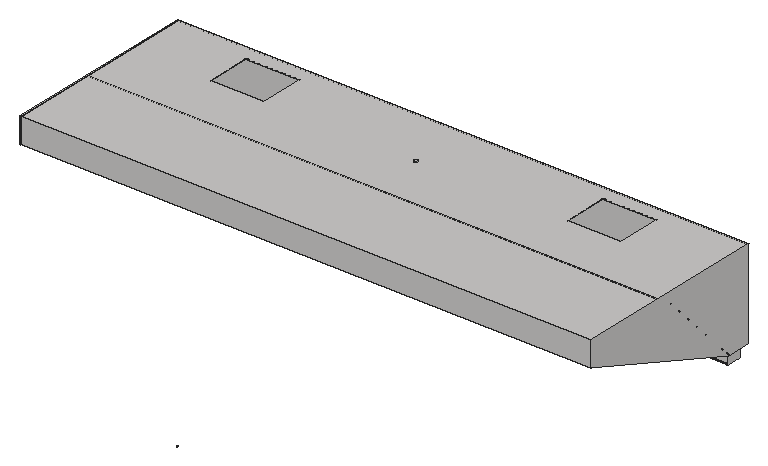
Revit family "QF_ELECTROLUXPROFESSIONAL_644196_AMPV1132BT", category Specialty Equipment, Revit 2014
Reference planes
  plane 1 "Center (Front/Back)": y = 0
  plane 2: z = 0
  plane 3 "Center (Left/Right)": x = 150
  plane 4 "LEFT": x = -1450
  plane 5 "RIGHT": x = 1750
  plane 6 "BACK": y = 550
  plane 7 "FRONT": y = -550
  plane 8 "Plane": z = 2000
  plane 9 "TOP": z = 2140
  plane 10 "Base": z = 1640
  plane 11: z = 1566
  plane 12 "DrainY": y = 485
  plane 13: x = -1447
  plane 14: through (0, 414.509, 1640.8) normal (0, 0.7314, 0.682)
  plane 15: y = 470
  plane 16: y = 220
  plane 17 "DrainX": x = 1630
  plane 18: x = -700
  plane 19: x = 1000
  plane 20: x = -1000
  plane 21: x = 1300
  plane 22: x = 1747
  plane 23: x = 1540
  plane 24: x = 1720
  plane 25: x = -1410
  plane 26: x = -1045
  plane 27: x = -650
  plane 28: x = 1710
  plane 29: x = 1345
  plane 30: x = 950
Forms (mm)
  Extrusion 1, solid, material "QF_Finishes_Stainless Steel"
    sketch origin (-1450, 0, 0) x (0, 1, 0) y (0, 0, 1)
      loop
        line (550, 1640) -> (550, 2140) -> (-550, 2140) -> (-550, 1999.112) -> (413.973, 1640) -> (550, 1640)
    from 0 to 3
  Extrusion 2, solid, material "QF_Finishes_Stainless Steel"
    sketch origin (150, 0, 0) x (0, 1, 0) y (0, 0, 1)
      loop
        line (415.255, 1640) -> (550, 1640) -> (550, 2139.19) -> (549.2, 2139.19) -> (549.2, 1640.8) -> (415.876, 1640.8) -> (339.347, 1722.867) -> (349.609, 1732.436) -> (348.927, 1733.167) -> (337.934, 1722.917) -> (415.255, 1640)
      loop
        line (-82.203, 2139.19) -> (-82.203, 2118.6) -> (-31.047, 2118.6) -> (34.354, 2048.466) -> (46.028, 2059.352) -> (45.346, 2060.083) -> (34.403, 2049.879) -> (-30.612, 2119.6) -> (-81.203, 2119.6) -> (-81.203, 2139.19) -> (-82.203, 2139.19)
    from -1597 to 1597
  Extrusion 3, solid, material "QF_Finishes_Stainless Steel"
    sketch origin (1750, 0, 0) x (0, 1, 0) y (0, 0, 1)
      loop
        line (550, 1640) -> (550, 2140) -> (-550, 2140) -> (-550, 1999.112) -> (413.973, 1640) -> (550, 1640)
    from 0 to -3
  Extrusion 4, solid, material "QF_Finishes_Stainless Steel"
    sketch origin (150, 0, 0) x (0, 1, 0) y (0, 0, 1)
      loop
        line (-550, 2140) -> (-550, 2000) -> (-549.2, 2000) -> (-549.2, 2139.19) -> (550, 2139.19) -> (550, 2140) -> (-550, 2140)
    from -1600 to 1600
  Extrusion 5, solid, material "QF_Finishes_Stainless Steel"
    sketch origin (150, 0, 0) x (0, 1, 0) y (0, 0, 1)
      loop
        line (534, 1640) -> (436, 1640) -> (436, 1627) -> (443.5, 1627) -> (443.5, 1576)
        arc (443.5, 1576) -> (446.429, 1568.929) -> (453.5, 1566) r 10
        line (453.5, 1566) -> (516.5, 1566)
        arc (516.5, 1566) -> (523.571, 1568.929) -> (526.5, 1576) r 10
        line (526.5, 1576) -> (526.5, 1627) -> (534, 1627) -> (534, 1640)
    from 1390 to 1570
  Extrusion 6, solid, material "QF_Finishes_Stainless Steel"
    sketch origin (0, 0, 1640) x (0, 1, 0) y (-1, 0, 0)
      loop
        circle (485, -1630) r 20
    from -76 to -74
  Extrusion 7, solid, material "QF_Finished_Chrome"
    sketch origin (150, 0, 0) x (0, 1, 0) y (0, 0, 1)
      loop
        line (337.934, 1722.917) -> (341.591, 1726.327) -> (38.011, 2051.876) -> (34.354, 2048.466) -> (337.934, 1722.917)
    from -1195 to -1560
  Extrusion 8, solid, material "QF_Finished_Chrome"
    sketch origin (150, 0, 0) x (0, 1, 0) y (0, 0, 1)
      loop
        line (337.934, 1722.917) -> (341.591, 1726.327) -> (38.011, 2051.876) -> (34.354, 2048.466) -> (337.934, 1722.917)
    from 800 to -800
  Extrusion 9, solid, material "QF_Finishes_Stainless Steel"
    sketch origin (150, 0, 0) x (0, 1, 0) y (0, 0, 1)
      loop
        line (337.934, 1722.917) -> (341.591, 1726.327) -> (38.011, 2051.876) -> (34.354, 2048.466) -> (337.934, 1722.917)
    from 1597 to 1560
  Extrusion 10, solid, material "QF_Finishes_Stainless Steel"
    sketch origin (150, 0, 0) x (0, 1, 0) y (0, 0, 1)
      loop
        line (341.588, 1726.324) -> (38.009, 2051.874) -> (34.354, 2048.466) -> (337.934, 1722.917) -> (341.588, 1726.324)
    from -1195 to -800
  Extrusion 11, solid, material "QF_Finished_Chrome"
    sketch origin (150, 0, 0) x (0, 1, 0) y (0, 0, 1)
      loop
        line (341.588, 1726.324) -> (38.009, 2051.874) -> (34.354, 2048.466) -> (337.934, 1722.917) -> (341.588, 1726.324)
    from 1195 to 1560
  Extrusion 12, void
    sketch origin (0, 0, 2140) x (0, 1, 0) y (-1, 0, 0)
      loop
        line (470, 1000) -> (220, 1000) -> (220, 700) -> (470, 700) -> (470, 1000)
    from 0 to -10
  Extrusion 13, void
    sketch origin (940, 0, 2140) x (0, 1, 0) y (-1, 0, 0)
      loop
        line (470, -60) -> (220, -60) -> (220, -360) -> (470, -360) -> (470, -60)
    from 0 to -10
  Extrusion 14, solid, material "QF_Finishes_Stainless Steel"
    sketch origin (0, 0, 0) x (1, 0, 0) y (0, 1, 0)
      loop
        line (-1450, 550) -> (-1450, 549) -> (-1449, 549) -> (-1449, 550) -> (-1450, 550)
    from 0 to 1
  Extrusion 15, solid, material "QF_Finishes_Stainless Steel"
    sketch origin (150, 0, 0) x (0, 1, 0) y (0, 0, 1)
      loop
        line (337.934, 1722.917) -> (341.591, 1726.327) -> (38.011, 2051.876) -> (34.354, 2048.466) -> (337.934, 1722.917)
    from -1560 to -1597
  Extrusion 16, solid, material "QF_Finishes_Stainless Steel"
    sketch origin (150, 0, 0) x (0, 1, 0) y (0, 0, -1)
      loop
        line (341.588, -1726.324) -> (337.934, -1722.917) -> (34.354, -2048.466) -> (38.009, -2051.874) -> (341.588, -1726.324)
    from -1195 to -800
  Extrusion 17, solid, material "QF_Finishes_Stainless Steel"
    sketch origin (0, 0, 2140) x (0, 1, 0) y (-1, 0, 0)
      loop
        circle (220, -150) r 10
    from 0 to 1.6
Cuts and joins
  Extrusion 12, Extrusion 13 cuts Extrusion 4
  joined: Extrusion 2, Extrusion 4
Lines and regions (mm)
  reference lines
    curve 1: line (150, 34.354, 2048.466) -> (150, 34.354, 1888.466)
  symbolic lines, style "SpecialityEquipment", detail levels coarse
    curve 2: line (1750, 550, 2140) -> (-1450, 550, 2140)
    curve 3: line (-1450, 550, 2140) -> (-1450, -550, 2140)
    curve 4: line (1750, -550, 2140) -> (1750, 550, 2140)
    curve 5: line (-1450, -550, 2140) -> (1750, -550, 2140)
    curve 6: line (-1000, 220, 2140) -> (-700, 220, 2140)
    curve 7: line (-1000, 470, 2140) -> (-1000, 220, 2140)
    curve 8: line (-700, 470, 2140) -> (-1000, 470, 2140)
    curve 9: line (-700, 220, 2140) -> (-700, 470, 2140)
    curve 10: line (1000, 470, 2140) -> (1000, 220, 2140)
    curve 11: line (1000, 220, 2140) -> (1300, 220, 2140)
    curve 12: line (1300, 470, 2140) -> (1000, 470, 2140)
    curve 13: line (1300, 220, 2140) -> (1300, 470, 2140)
    curve 14: line (-1450, -550, 0) -> (1750, 550, 0)
    curve 15: line (1750, -550, 0) -> (-1450, 550, 0)
Dimensions and locks
  plane 4 "LEFT" to plane 5 "RIGHT" = 3200 mm
  equal spacing: plane 4 "LEFT", plane 3 "Center (Left/Right)", plane 5 "RIGHT"
  locked: plane 8 "Plane" to level at 2000
  plane 9 "TOP" to plane 8 "Plane" = 140 mm
  locked: plane 9 "TOP" to plane 10 "Base" at 500
  plane 10 "Base" to plane 11 = 74 mm
  plane 6 "BACK" to plane 12 "DrainY" = 65 mm  (x2)
  plane 4 "LEFT" to plane 13 = 3 mm
  plane 6 "BACK" to plane 15 = 80 mm
  plane 15 to plane 16 = 250 mm  (x2)
  plane 17 "DrainX" to plane 5 "RIGHT" = 120 mm
  locked: plane 18 to plane 19 at 1700
  equal spacing: plane 18, plane 3 "Center (Left/Right)", plane 19
  plane 20 to plane 18 = 300 mm
  plane 19 to plane 21 = 300 mm
  plane 22 to plane 5 "RIGHT" = 3 mm
  locked: plane 23 to plane 17 "DrainX" at 90
  locked: plane 17 "DrainX" to plane 24 at 90
  plane 6 "BACK" to plane 7 "FRONT" = 1100 mm  (x2)
  equal spacing: plane 6 "BACK", plane 1 "Center (Front/Back)", plane 7 "FRONT"
  plane 16 to plane 7 "FRONT" = 770 mm
  plane 15 to plane 6 "BACK" = 80 mm
  locked: plane 4 "LEFT" to plane 25 at 40
  locked: plane 25 to plane 26 at 365
  locked: plane 26 to plane 27 at 395
  locked: plane 28 to plane 29 at 365
  locked: plane 29 to plane 30 at 395
  locked: plane 28 to plane 5 "RIGHT" at 40
  plane 27 to plane 30 = 1600 mm
  aligned and locked: level to plane 2
  aligned and locked: Extrusion 2 to Extrusion 1
  aligned and locked: Extrusion 2 to Extrusion 3
  aligned and locked: plane 5 "RIGHT" to Extrusion 4
  aligned and locked: Extrusion 4 to plane 4 "LEFT"
  aligned and locked: plane 22 to Extrusion 9
  aligned and locked: plane 20 to Extrusion 12
  aligned and locked: Extrusion 12 to plane 18
  aligned and locked: Extrusion 12 to plane 16
  aligned and locked: Extrusion 12 to plane 15
  aligned and locked: Extrusion 13 to plane 21
  aligned and locked: plane 19 to Extrusion 13
  aligned and locked: Extrusion 2 to Extrusion 4
  aligned and locked: plane 24 to Extrusion 5
  aligned and locked: Extrusion 5 to plane 23
  aligned and locked: Extrusion 9 to plane 28
  aligned and locked: Extrusion 11 to plane 28
  aligned and locked: Extrusion 11 to plane 29
  aligned and locked: Extrusion 8 to plane 30
  aligned and locked: Extrusion 8 to plane 27
  aligned and locked: plane 27 to Extrusion 10
  aligned and locked: Extrusion 10 to plane 26
  aligned and locked: plane 26 to Extrusion 7
  aligned and locked: Extrusion 7 to plane 25
  aligned and locked: Extrusion 15 to plane 13
  aligned and locked: plane 25 to Extrusion 15
  aligned and locked: Extrusion 16 to plane 30
  aligned and locked: Extrusion 16 to plane 29
  aligned and locked: Extrusion 3 to plane 22
Automatic sketch dimensions
  curve 5 to plane 4 "LEFT" = 0 mm
  curve 5 to plane 7 "FRONT" = 0 mm
  curve 9 to plane 16 = 0 mm
  curve 10 to plane 16 = 0 mm
  plane 15 to curve 8 = 0 mm
  plane 15 to curve 12 = 0 mm
  curve 3 to plane 6 "BACK" = 0 mm
  curve 5 to plane 5 "RIGHT" = 0 mm
  curve 11 to plane 21 = 0 mm
  curve 10 to plane 19 = 0 mm
  curve 6 to plane 18 = 0 mm
  curve 6 to plane 20 = 0 mm
  Extrusion 1 sketch curve to plane 7 "FRONT" = 0 mm
  Extrusion 1 sketch curve to plane 10 "Base" = 0 mm
  Extrusion 1 sketch curve to plane 6 "BACK" = 0 mm
  Extrusion 1 sketch curve to plane 9 "TOP" = 0 mm
  plane 15 to Extrusion 1 sketch curve = 56.027 mm
  Extrusion 1 sketch curve to plane 8 "Plane" = 0.888 mm
  Extrusion 2 sketch curve to plane 14 = 0 mm  (x3)
  Extrusion 2 sketch curve to plane 10 "Base" = 0 mm
  plane 14 to Extrusion 2 sketch curve = 0 mm
  Extrusion 2 sketch curve to plane 6 "BACK" = 0 mm
  Extrusion 2 sketch curve to Extrusion 2 sketch curve = 65.646 mm
  Extrusion 2 sketch curve to Extrusion 2 sketch curve = 0.682 mm  (x2)
  Extrusion 2 sketch curve to Extrusion 2 sketch curve = 10.261 mm
  plane 10 "Base" to Extrusion 2 sketch curve = 82.917 mm
  Extrusion 2 sketch curve to plane 1 "Center (Front/Back)" = 46.028 mm
  Extrusion 2 sketch curve to Extrusion 2 sketch curve = 10.942 mm
  Extrusion 2 sketch curve to Extrusion 2 sketch curve = 0.049 mm
  Extrusion 2 sketch curve to plane 9 "TOP" = 20.4 mm
  Extrusion 2 sketch curve to plane 9 "TOP" = 21.4 mm
  Extrusion 2 sketch curve to plane 9 "TOP" = 0.81 mm  (x2)
  Extrusion 2 sketch curve to Extrusion 2 sketch curve = 50.156 mm
  Extrusion 2 sketch curve to Extrusion 2 sketch curve = 1 mm
  plane 10 "Base" to Extrusion 2 sketch curve = 0.8 mm
  Extrusion 2 sketch curve to plane 6 "BACK" = 0.8 mm
  Extrusion 3 sketch curve to plane 7 "FRONT" = 0 mm
  Extrusion 3 sketch curve to plane 10 "Base" = 0 mm
  Extrusion 3 sketch curve to plane 6 "BACK" = 0 mm
  Extrusion 3 sketch curve to plane 9 "TOP" = 0 mm
  plane 15 to Extrusion 3 sketch curve = 56.027 mm
  Extrusion 3 sketch curve to plane 8 "Plane" = 0.888 mm
  Extrusion 4 sketch curve to plane 7 "FRONT" = 0 mm
  Extrusion 4 sketch curve to plane 8 "Plane" = 0 mm
  Extrusion 4 sketch curve to plane 6 "BACK" = 0 mm
  Extrusion 4 sketch curve to plane 9 "TOP" = 0 mm
  plane 7 "FRONT" to Extrusion 4 sketch curve = 0.8 mm
  Extrusion 4 sketch curve to plane 9 "TOP" = 0.81 mm
  curve 1 to plane 14 = 0 mm
  curve 1 to plane 1 "Center (Front/Back)" = 34.354 mm
  curve 1 to plane 8 "Plane" = 111.534 mm
  Extrusion 5 sketch curve to plane 10 "Base" = 0 mm
  Extrusion 5 sketch curve to plane 11 = 0 mm
  Extrusion 5 sketch curve to plane 10 "Base" = 13 mm  (x2)
  plane 15 to Extrusion 5 sketch curve = 34 mm
  Extrusion 5 sketch curve to Extrusion 5 sketch curve = 7.5 mm  (x2)
  Extrusion 5 sketch curve to Extrusion 5 sketch curve = 10 mm
  plane 12 "DrainY" to Extrusion 5 sketch curve = 31.5 mm
  Extrusion 5 sketch curve to plane 6 "BACK" = 23.5 mm
  Extrusion 6 sketch curve to plane 12 "DrainY" = 0 mm
  Extrusion 6 sketch curve to plane 17 "DrainX" = 0 mm
  Extrusion 7 sketch curve to plane 14 = 0 mm  (x2)
  Extrusion 7 sketch curve to plane 1 "Center (Front/Back)" = 34.354 mm
  Extrusion 7 sketch curve to Extrusion 7 sketch curve = 3.657 mm
  plane 10 "Base" to Extrusion 7 sketch curve = 82.917 mm
  Extrusion 8 sketch curve to plane 14 = 0 mm  (x2)
  Extrusion 8 sketch curve to plane 1 "Center (Front/Back)" = 34.354 mm
  Extrusion 8 sketch curve to Extrusion 8 sketch curve = 3.657 mm
  plane 10 "Base" to Extrusion 8 sketch curve = 82.917 mm
  Extrusion 9 sketch curve to plane 14 = 0 mm  (x2)
  Extrusion 9 sketch curve to plane 1 "Center (Front/Back)" = 34.354 mm
  Extrusion 9 sketch curve to Extrusion 9 sketch curve = 3.657 mm
  plane 10 "Base" to Extrusion 9 sketch curve = 82.917 mm
  Extrusion 10 sketch curve to plane 14 = 0 mm  (x2)
  Extrusion 10 sketch curve to plane 1 "Center (Front/Back)" = 34.354 mm
  Extrusion 10 sketch curve to Extrusion 10 sketch curve = 3.655 mm
  plane 10 "Base" to Extrusion 10 sketch curve = 82.917 mm
  Extrusion 11 sketch curve to plane 14 = 0 mm  (x2)
  Extrusion 11 sketch curve to plane 1 "Center (Front/Back)" = 34.354 mm
  Extrusion 11 sketch curve to Extrusion 11 sketch curve = 3.655 mm
  plane 10 "Base" to Extrusion 11 sketch curve = 82.917 mm
  Extrusion 12 sketch curve to plane 16 = 0 mm
  plane 15 to Extrusion 12 sketch curve = 0 mm
  Extrusion 12 sketch curve to plane 18 = 0 mm
  Extrusion 12 sketch curve to plane 20 = 0 mm
  Extrusion 13 sketch curve to plane 16 = 0 mm
  plane 15 to Extrusion 13 sketch curve = 0 mm
  Extrusion 13 sketch curve to plane 21 = 0 mm
  Extrusion 13 sketch curve to plane 19 = 0 mm
  Extrusion 14 sketch curve to plane 4 "LEFT" = 0 mm
  Extrusion 14 sketch curve to plane 6 "BACK" = 0 mm
  plane 4 "LEFT" to Extrusion 14 sketch curve = 1 mm
  Extrusion 14 sketch curve to plane 6 "BACK" = 1 mm
  Extrusion 15 sketch curve to plane 14 = 0 mm  (x2)
  Extrusion 15 sketch curve to plane 1 "Center (Front/Back)" = 34.354 mm
  Extrusion 15 sketch curve to Extrusion 15 sketch curve = 3.657 mm
  plane 10 "Base" to Extrusion 15 sketch curve = 82.917 mm
  Extrusion 16 sketch curve to plane 14 = 0 mm  (x2)
  Extrusion 16 sketch curve to plane 1 "Center (Front/Back)" = 34.354 mm
  Extrusion 16 sketch curve to Extrusion 16 sketch curve = 3.655 mm
  plane 10 "Base" to Extrusion 16 sketch curve = 82.917 mm
  curve 15 to plane 4 "LEFT" = 0 mm
  curve 14 to plane 4 "LEFT" = 0 mm
  curve 15 to plane 5 "RIGHT" = 0 mm
  curve 14 to plane 5 "RIGHT" = 0 mm
  curve 15 to plane 7 "FRONT" = 0 mm
  curve 14 to plane 7 "FRONT" = 0 mm
  curve 15 to plane 6 "BACK" = 0 mm
  curve 14 to plane 6 "BACK" = 0 mm
  Extrusion 17 sketch curve to plane 3 "Center (Left/Right)" = 0 mm
  Extrusion 17 sketch curve to plane 16 = 0 mm
  radius of Extrusion 6 sketch curve = 20 mm
  radius of Extrusion 17 sketch curve = 10 mm
Connectors
  piping at (1630, 485, 1564), diameter 20
    settings: on Extrusion 6, index 1, connector inside diameter 609.6 mm, connector length 0 mm, flow factor 0, pipe flow 0.0 L/s, pressure drop 0.0 Pa, fitting loss kfactor 0, connector angle 0.00°, fixture units 0, engagement length 0 mm, angle of deflection 0.00°, flow configuration 1, flow direction 2, fitting loss method 0, system type 16, joint type 0, gender type 0, connector reference index -1, connector utility 0, adjustable connector no, is connector primary yes, connector description "Drain"
  hvac at (-850, 345, 2140)
    settings: on Extrusion 12, index 2, duct flow 0.0 L/s, flow factor 0, pres drop 0.0 Pa, loss coef 0, conn angle 0.00°, conn width 250 mm, conn height 300 mm, conn diameter 609.6 mm, duct sys type 3, conn prof type 1, flow config 1, flow direction 2, loss method 0, conn ref index -1, conn util no, is conn primary yes, conn desc "EXHAUST OUTLET"
  hvac at (1150, 345, 2140)
    settings: on Extrusion 13, index 3, duct flow 0.0 L/s, flow factor 0, pres drop 0.0 Pa, loss coef 0, conn angle 0.00°, conn width 250 mm, conn height 300 mm, conn diameter 609.6 mm, duct sys type 3, conn prof type 1, flow config 1, flow direction 2, loss method 0, conn ref index -1, conn util no, is conn primary no, conn desc "EXHAUST OUTLET"
  electrical at (150, 220, 2141.6)
    settings: on Extrusion 17, index 4, voltage 0 V, apparent load 0 VA, apparent load phase1 0 VA, apparent load phase2 0 VA, apparent load phase3 0 VA, power factor 1, load classification "Other", number of poles 1, system type 30, power factor state 1, is connector primary yes, connector utility no, sub classification motor no, connector description "Electrical Connection"
